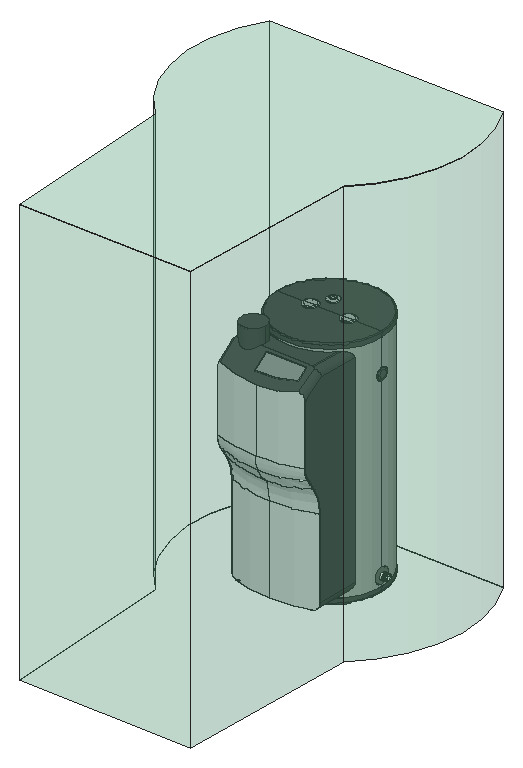
Revit family "Innovo FR_IR 24 245 FR NAT", category Mechanical Equipment, Revit 2015
Parameters (values of type "IR-24-245 FR NAT")
  largeur d'emballage = 786 mm  # constant formula
  l'Intervalle d'Entretien = "12 mois"  # constant formula
  Workspace Radius = Diameter + 170 mm  # 730 mm
  Workspace Height = Hauteur + 1000 mm  # 2270 mm
  Workspace Front Distance = 1000 mm
  Workspace [instance] = yes
  Valve Height 02 = if(and(Hauteur = 1745 mm, Diameter = 675 mm), 1518 mm, if(and(Hauteur = 1745 mm, Diameter = 610 mm), 1534 mm, if(Hauteur = 1545 mm, 1328 mm, 1070 mm)))  # 1070 mm
  Valve Height 01 = if(and(Diameter > 560 mm), 693 mm, 604 mm)  # 604 mm
  Valeur Maximale du Thermostat de Régulation = 85 °C  # constant formula
  Valeur Manimale du Thermostat de Régulation = 40 °C  # constant formula
  Valeur Défaut du Thermostat de Régulation = 65 °C  # constant formula
  URL = "www.aosmith.fr"
  Type d'Installation = "B23/C13/C33/C43/C53/C63"  # constant formula
  Type d'emballage = "Carton et bois"  # constant formula
  Tension d'Alimentation (-15%, +10%) = 230 V  # constant formula
  Température Maximale des Fumées = 45 °C
  Temps de réchauffement à ΔT = 70°C = "42"
  Temps de réchauffement à ΔT = 55°C = "34"
  Temps de réchauffement à ΔT = 50°C = "31"
  Temps de réchauffement à ΔT = 44°C = "27"
  Temps de réchauffement à ΔT = 28°C = "17"
  Spécifications du Produit = ""
  Réglages du thermostat du chauffe-eau = 65 °C  # constant formula
  Réglage Standard Pour = "G20/G25"
  Rendement Saisonnier (Hs) = [Rendement (Hs, acc. NEN-EN 89 - 1999)]  # 96
  Rendement (Hs, acc. NEN-EN 89 - 1999) = 96
  Rendement (Hi, acc. NEN-EN 89 - 1999) = 107
  Raccord Évacuation de la Condensation = 40 mm  # constant formula
  Raccord de la Soupape de Vidange = 3/4"
  Raccord de Sortie d'Eau Chaude = 3/4"
  Raccord de Gaz = 15"  # constant formula
  Raccord d'Alimentation en Eau Froide = 3/4"  # constant formula
  Raccord Robinet de Vidange = 3/4"  # constant formula
  Puissance Électrique Absorbée (sommet) = 85 W
  Puissance Électrique Absorbée (nominal) = 25 W
  Profondeur d'emballage = 946 mm  # constant formula
  Profondeur = 780 mm  # constant formula
  Profils de soutirage déclaré = "XL"
  Production Nominale = "11700.0/11300.0"
  Pression de Fonctionnement Maximale = 800000.0 Pa  # constant formula
  Pression Différentielle d'Ouverture de l'Interrupteur de Pression < = 115.0 Pa
  Pression Amont de Gaz = "2000/2500 Pa"
  Precaustions during assembling, installation or maintenance = "voir Manuel d'installation, d'emploi er d'entretien"  # constant formula
  Poids à vide = 95 kg
  Poids de Transport = 114 kg
  Phase = 1
  Pertes en Veille - tous les jours (24h) = 0 W
  Pertes en Veille = 0 W
  Nombre de modèle du produit (EAN) = "8717449285913"
  Niveau du Son dB (A) = "<45"  # constant formula
  Niveau de puissance acoustique à l'intérieur = "41 dB"
  NOx-émissions mg/kWh = "22.0/23.0"
  NOx-émissions (ven air, 0% O2) ppm = "14.0/14.0"
  Modèdele = "IR-12-160"
  Model = "IR-12-160 FR NAT"
  Marque commerciale = "A.O. Smith"  # constant formula
  Manufacturer = "A.O. Smith Water Products Company b.v."  # constant formula
  Largeur = Diameter  # 560 mm
  La commande intelligente = no
  L'efficacité énergétique pour le chauffage de l'eau (2) = "-"
  L'efficacité énergétique pour le chauffage de l'eau (1) = "92%"
  Hauteur du Raccordement au Gaz = 860 mm
  Hauteur de la Sortie d'eau Chaude = 1270 mm
  Hauteur de l'Alimentation en eau Froide = 170 mm
  Hauteur d'emballage = 1465 mm
  Hauteur Conduit d'Évacuation des Fumées = 1295 mm
  Hauteur Conduit d'Alimentation en Air = 1295 mm
  Hauteur = 1270 mm
  Guide de Produit = ""
  Garantie sur la Cuve = "36 mois"  # constant formula
  Garantie Pièces = "12 mois"  # constant formula
  Fréquence secteur = 50 Hz  # constant formula
  Forctionner qu'en heures creuses = no
  Fabricant No. = "E 7110"  # constant formula
  Epaisseur d'Isolation = 50 mm
  Débit de vidage à ΔT = 70°C après 90 min. = 270.0 L
  Débit de vidage à ΔT = 70°C après 60 min. = 200.0 L
  Débit de vidage à ΔT = 70°C après 30 min. = 120.0 L
  Débit de vidage à ΔT = 70°C après 120 min. = 340.0 L
  Débit de vidage à ΔT = 55°C après 90 min. = 370.0 L
  Débit de vidage à ΔT = 55°C après 60 min. = 270.0 L
  Débit de vidage à ΔT = 55°C après 30 min. = 180.0 L
  Débit de vidage à ΔT = 55°C après 120 min. = 460.0 L
  Débit de vidage à ΔT = 50°C après 90 min. = 410.0 L
  Débit de vidage à ΔT = 50°C après 60 min. = 310.0 L
  Débit de vidage à ΔT = 50°C après 30 min. = 210.0 L
  Débit de vidage à ΔT = 50°C après 120 min. = 510.0 L
  Débit de vidage à ΔT = 44°C après 90 min. = 480.0 L
  Débit de vidage à ΔT = 44°C après 60 min. = 360.0 L
  Débit de vidage à ΔT = 44°C après 30 min. = 250.0 L
  Débit de vidage à ΔT = 44°C après 120 min. = 590.0 L
  Débit de vidage à ΔT = 28°C après 90 min. = 780.0 L
  Débit de vidage à ΔT = 28°C après 60 min. = 600.0 L
  Débit de vidage à ΔT = 28°C après 30 min. = 420.0 L
  Débit de vidage à ΔT = 28°C après 120 min. = 960.0 L
  Débit de vidage en Continu à ΔT = 70°C = 150.0 L/s
  Débit de vidage en Continu à ΔT = 55°C = 190.0 L/s
  Débit de vidage en Continu à ΔT = 50°C = 200.0 L/s
  Débit de vidage en Continu à ΔT = 44°C = 230.0 L/s
  Débit de vidage en Continu à ΔT = 28°C = 360.0 L/s
  Diamètre Cheminée - Système Parallèle = "2x80"  # constant formula
  Diamètre Cheminée - Système Concentrique = "80/125 mm/mm"  # constant formula
  Diamètre Cheminée - Boiler = "80/125 mm/mm"  # constant formula
  Diameter = 560 mm
  Destination / Country = "France"  # constant formula
  Description = "Préparateur ECS Solaire en Combinaison avec Réservoir de Stockage"  # constant formula
  D'autres profils de soutirage = "-"
  Created By = "http://www.cadcompany.nl/"
  Consommation de Gaz - Volume ltr/hr = "1.20/1.30"
  Consommation de Gaz - Masse kg/h = "a/p"
  Class d'efficacité énergétique (2) = "-"
  Class d'efficacité énergétique (1) = "A"  # constant formula
  Charge Nominale (Valeur Supérieure) = "12100.0/12100.0"
  Charge Nominale (Valeur Inférieure) = "10900.0/10600.0"
  Charge Maximale au Sol = 274 kg
  Catégorie de Gaz = "II2Esi3P"  # constant formula
  Capacité = 160.0 L
  CO2 Émissions (tol. +/- 1.0) vol% = "9.3/9.3"
  CE-PIN = "0063CQ3037"  # constant formula
  BIM Content Developer = "CAD & Company"  # constant formula
  Assembly Code = "D3010"
  Annual fuel consumption (2) = "-"
  Annual fuel consumption (1) = "16 GJ GCV"
  Annual electricity consumption (2) = "-"
  Annual electricity consumption (1) = "38 kWh"
  2ème Entretien (Entretien Général) = "12 mois après l'installation"  # constant formula
  1er Entretien (check-up) = "3 mois après l'installation"  # constant formula
Reference planes
  plane 1 "Center (Front/Back)": y = 0
  plane 2: z = 0
  plane 3 "Center (Left/Right)": x = 0
  plane 4 "Pipe": through (-383.901, 912.349, 194.799) normal (-0.0879, -0.0879, 0.9923)
  plane 5 "footing": y = 118.925
  plane 6 "footing front": y = -237.85
  plane 7: x = -280
  plane 8: x = 280
  plane 9: z = 1270
Forms (mm)
  Revolve 1, solid, material "RAL 9005", detail levels medium+fine
    sketch origin (0, -237.85, 0) x (-1, 0, 0) y (0, 0, 1)
      loop
        line (0, 28.9) -> (-15, 28.9) -> (-15, 26.4) -> (-8.671, 26.4) -> (-8.671, 18) -> (-5.686, 18) -> (-6.626, 17.06) -> (-6.626, 12.06) -> (-8.671, 12.06) -> (-8.671, 10) -> (-10.031, 10) -> (-23.271, 5.181)
        arc (-23.271, 5.181) -> (-23.763, 4.836) -> (-24.017, 4.293) r 1.159
        line (-24.017, 4.293) -> (-24.017, 1.03)
        arc (-24.017, 1.03) -> (-23.715, 0.302) -> (-22.986, 0) r 1.03
        line (-22.986, 0) -> (0, 0) -> (0, 28.9)
      axis (0, 28.9) -> (0, 0)
    angle from 0 to 360
  Revolve 2, solid, material "RAL 9005", detail levels medium+fine
    sketch origin (0, 118.925, 0) x (-1, 0, 0) y (0, 0, 1)
      loop
        line (-180.984, 28.9) -> (-195.984, 28.9) -> (-195.984, 26.4) -> (-189.655, 26.4) -> (-189.655, 18) -> (-186.67, 18) -> (-187.61, 17.06) -> (-187.61, 12.06) -> (-189.655, 12.06) -> (-189.655, 10) -> (-191.015, 10) -> (-204.256, 5.181)
        arc (-204.256, 5.181) -> (-204.747, 4.836) -> (-205.001, 4.293) r 1.159
        line (-205.001, 4.293) -> (-205.001, 1.03)
        arc (-205.001, 1.03) -> (-204.699, 0.302) -> (-203.971, 0) r 1.03
        line (-203.971, 0) -> (-180.984, 0) -> (-180.984, 28.9)
      axis (-180.984, 28.9) -> (-180.984, 0)
    angle from 0 to 360
  Revolve 3, solid, material "RAL 9005", detail levels medium+fine
    sketch origin (0, 118.925, 0) x (-1, 0, 0) y (0, 0, 1)
      loop
        line (179.016, 28.9) -> (164.016, 28.9) -> (164.016, 26.4) -> (170.345, 26.4) -> (170.345, 18) -> (173.33, 18) -> (172.39, 17.06) -> (172.39, 12.06) -> (170.345, 12.06) -> (170.345, 10) -> (168.985, 10) -> (155.744, 5.181)
        arc (155.744, 5.181) -> (155.253, 4.836) -> (154.999, 4.293) r 1.159
        line (154.999, 4.293) -> (154.999, 1.03)
        arc (154.999, 1.03) -> (155.301, 0.302) -> (156.029, 0) r 1.03
        line (156.029, 0) -> (179.016, 0) -> (179.016, 28.9)
      axis (179.016, 28.9) -> (179.016, 0)
    angle from 0 to 360
Lines and regions (mm)
  symbolic lines
    curve 1: line (0, 280.06, 0) -> (0, -280.06, 0)
    curve 2: line (-255.06, 0, 0) -> (255.06, 0, 0)
  symbolic lines, style "Workspace"
    curve 3: line (623.261, 380.06, 0) -> (-623.261, 380.06, 0)
    curve 4: arc (-623.261, 380.06, 0) -> (-726.942, -66.745, 0) -> (-543.632, -487.2, 0) r 730
    curve 5: line (-543.632, -487.2, 0) -> (-396.783, -1492.825, 0)
    curve 6: line (-396.783, -1492.825, 0) -> (399.03, -1492.825, 0)
    curve 7: line (399.03, -1492.825, 0) -> (545.76, -484.816, 0)
    curve 8: arc (545.76, -484.816, 0) -> (727.087, -65.154, 0) -> (623.261, 380.06, 0) r 730
Dimensions and locks
  plane 5 "footing" to plane 1 "Center (Front/Back)" = 118.925 mm
  plane 1 "Center (Front/Back)" to plane 6 "footing front" = 237.85 mm
  "Diameter": plane 7 to plane 8
  equal spacing: plane 7, plane 3 "Center (Left/Right)", plane 8
  "Hauteur": plane 9 to plane 2
  "Workspace Front Distance": curve 6 to nested 3
  "Workspace Radius": radius of curve 4
  "Workspace Radius": radius of curve 8
  aligned and locked: level to plane 2
  aligned and locked: nested 3 to Revolve 1 sketch curve
  aligned and locked: plane 3 "Center (Left/Right)" to Revolve 1 sketch curve
  aligned and locked: nested 3 to plane 1 "Center (Front/Back)"
  aligned and locked: plane 3 "Center (Left/Right)" to nested 3
  aligned and locked: nested 1 to plane 8
  aligned and locked: nested 5 to plane 8
  aligned and locked: nested 2 to plane 7
  aligned and locked: nested 4 to plane 7
  aligned and locked: nested 7 to plane 7
  aligned and locked: nested 8 to plane 3 "Center (Left/Right)"
  aligned and locked: nested 8 to nested 3
  aligned and locked: curve 3 to nested 8
Automatic sketch dimensions
  Revolve 1 sketch curve to level = 0 mm
  plane 3 "Center (Left/Right)" to Revolve 1 sketch curve = 5.686 mm
  Revolve 1 sketch curve to Revolve 1 sketch curve = 0.94 mm  (x2)
  Revolve 1 sketch curve to Revolve 1 sketch curve = 2.046 mm  (x2)
  Revolve 1 sketch curve to Revolve 1 sketch curve = 1.359 mm
  Revolve 1 sketch curve to Revolve 1 sketch curve = 6.329 mm
  level to Revolve 1 sketch curve = 4.091 mm
  Revolve 1 sketch curve to Revolve 1 sketch curve = 12.844 mm
  level to Revolve 1 sketch curve = 1.03 mm
  Revolve 1 sketch curve to Revolve 1 sketch curve = 0.111 mm
  level to Revolve 1 sketch curve = 5.181 mm
  Revolve 1 sketch curve to Revolve 1 sketch curve = 0.745 mm
  level to Revolve 1 sketch curve = 10 mm
  Revolve 1 sketch curve to Revolve 1 sketch curve = 2.06 mm
  Revolve 1 sketch curve to Revolve 1 sketch curve = 5 mm
  Revolve 1 sketch curve to Revolve 1 sketch curve = 8.4 mm
  Revolve 1 sketch curve to Revolve 1 sketch curve = 2.5 mm
  Revolve 1 sketch curve to level = 19.635 mm
  Revolve 1 sketch curve to Revolve 1 sketch curve = 46.465 mm
  Revolve 2 sketch curve to level = 0 mm
  level to Revolve 2 sketch curve = 1.03 mm
  Revolve 2 sketch curve to plane 8 = 74.999 mm
  level to Revolve 2 sketch curve = 5.181 mm
  Revolve 2 sketch curve to Revolve 2 sketch curve = 0.745 mm
  Revolve 2 sketch curve to Revolve 2 sketch curve = 0.397 mm
  Revolve 2 sketch curve to Revolve 2 sketch curve = 8.271 mm
  Revolve 2 sketch curve to Revolve 2 sketch curve = 13.241 mm
  Revolve 2 sketch curve to Revolve 2 sketch curve = 1.359 mm
  Revolve 2 sketch curve to Revolve 2 sketch curve = 6.329 mm
  Revolve 2 sketch curve to Revolve 2 sketch curve = 2.046 mm
  level to Revolve 2 sketch curve = 18 mm
  Revolve 2 sketch curve to Revolve 2 sketch curve = 0.94 mm  (x2)
  Revolve 2 sketch curve to Revolve 2 sketch curve = 8.671 mm
  Revolve 2 sketch curve to Revolve 2 sketch curve = 1.089 mm
  Revolve 2 sketch curve to Revolve 2 sketch curve = 8 mm
  Revolve 2 sketch curve to Revolve 2 sketch curve = 2.06 mm
  Revolve 2 sketch curve to Revolve 2 sketch curve = 8.4 mm
  Revolve 2 sketch curve to Revolve 2 sketch curve = 2.5 mm
  Revolve 2 sketch curve to Revolve 2 sketch curve = 0 mm
  Revolve 2 sketch curve to level = 19.635 mm
  Revolve 2 sketch curve to Revolve 2 sketch curve = 46.465 mm
  Revolve 3 sketch curve to level = 0 mm
  level to Revolve 3 sketch curve = 1.03 mm
  Revolve 3 sketch curve to plane 7 = 125.001 mm
  level to Revolve 3 sketch curve = 5.181 mm
  Revolve 3 sketch curve to Revolve 3 sketch curve = 0.745 mm
  Revolve 3 sketch curve to Revolve 3 sketch curve = 0.397 mm
  Revolve 3 sketch curve to Revolve 3 sketch curve = 8.271 mm
  Revolve 3 sketch curve to Revolve 3 sketch curve = 13.241 mm
  Revolve 3 sketch curve to Revolve 3 sketch curve = 1.359 mm
  Revolve 3 sketch curve to Revolve 3 sketch curve = 6.329 mm
  Revolve 3 sketch curve to Revolve 3 sketch curve = 2.046 mm
  level to Revolve 3 sketch curve = 18 mm
  Revolve 3 sketch curve to Revolve 3 sketch curve = 0.94 mm  (x2)
  Revolve 3 sketch curve to Revolve 3 sketch curve = 8.671 mm
  Revolve 3 sketch curve to Revolve 3 sketch curve = 1.089 mm
  Revolve 3 sketch curve to Revolve 3 sketch curve = 8 mm
  Revolve 3 sketch curve to Revolve 3 sketch curve = 2.06 mm
  Revolve 3 sketch curve to Revolve 3 sketch curve = 8.4 mm
  Revolve 3 sketch curve to Revolve 3 sketch curve = 2.5 mm
  Revolve 3 sketch curve to Revolve 3 sketch curve = 0 mm
  Revolve 3 sketch curve to level = 19.635 mm
  Revolve 3 sketch curve to Revolve 3 sketch curve = 46.465 mm
  curve 4 to curve 8 = 0 mm  (x2)
  plane 1 "Center (Front/Back)" to curve 2 = 0 mm
  curve 1 to plane 3 "Center (Left/Right)" = 0 mm
  plane 1 "Center (Front/Back)" to curve 4 = 0 mm
  curve 4 to plane 3 "Center (Left/Right)" = 0 mm
  curve 5 to plane 6 "footing front" = 249.35 mm
  plane 7 to curve 5 = 116.783 mm
  plane 8 to curve 7 = 119.03 mm
  curve 7 to plane 6 "footing front" = 246.966 mm
  curve 2 to plane 7 = 24.94 mm
  curve 2 to plane 8 = 24.94 mm
  curve 1 to plane 6 "footing front" = 42.21 mm
  plane 5 "footing" to curve 1 = 161.135 mm
Nested families
  nested 1: "Valve" at (280, -0.38, 1070) x (0, 1, 0) z (0, 0, 1), built-in parameter 1001364 <- "Valve Height 02", type "Valve"
  nested 2: "Drain Valve" at (-280, 0, 1070), built-in parameter 1001364 <- "Valve Height 02", type "Drain Valve"
  nested 3: "Housing Mother Housing S 57 (external)" at (0, -274.886, 0), type "Housing Mother_Housing S_57"
  nested 4: "Drain Valve" at (-280, 0, 177), type "Drain Valve"
  nested 5: "Drain Valve" at (280, 0, 107) x (-1, 0, 0) z (0, 0, 1), type "Drain Valve"
  nested 6: "Boiler" at (0, 0, 0), height <- "Hauteur", type "Boiler"
    with height 1270 mm
  nested 7: "Drain Valve" at (-280, 0, 604), built-in parameter 1001364 <- "Valve Height 01", type "Drain Valve"
  nested 8: "Innovo_workspace" at (0, 0, 0), Workspace Distance Front <- "Workspace Front Distance", Workspace <- "Workspace", Workspace Height <- "Workspace Height", Workspace Radius <- "Workspace Radius", type "Workspace"
    with Workspace Radius 730 mm, Workspace Height 2270 mm, Workspace Distance Front 1000 mm, Workspace yes, Center to Front 492.825 mm
Connectors
  piping at (314.826, 0, 107), diameter 19.05, driven by "Raccord Robinet de Vidange"
    settings: on nested 5, index 1, connector inside diameter 24", connector length 0 mm, flow factor 0, pipe flow 0.0 L/s, pressure drop 0.0 Pa, fitting loss kfactor 0, connector angle 0.00°, fixture units 0, engagement length 0 mm, angle of deflection 0.00°, flow configuration 0, flow direction 0, fitting loss method 0, system type 19, joint type 0, gender type 0, connector reference index -1, connector utility 0, adjustable connector no, is connector primary yes, connector description ""
  hvac at (-147.013, -321.326, 1310.674)
    settings: on nested 3, index 2, duct flow 0.0 L/s, flow factor 0, pres drop 0.0 Pa, loss coef 0, conn angle 0.00°, conn width 304.8 mm, conn height 304.8 mm, conn diameter 125 mm, duct sys type 4, conn prof type 0, flow config 0, flow direction 0, loss method 0, conn ref index -1, conn util no, is conn primary yes, conn desc ""
Definition of nested family "Valve"
  Parameters (values of type "Valve")
    Type Comments = "T&P valve (internal)"
    Manufacturer = "A.O. Smith"
  Reference planes
    plane 1 "Center (Front/Back)": y = 0
    plane 2: z = 0
    plane 3 "Center (Left/Right)": x = 0
  Forms (mm)
    Extrusion 1, solid, detail levels fine
      sketch origin (0, 0, 0) x (1, 0, 0) y (0, 0, 1)
        loop
          circle (0, 0) r 31.5
      from -2.271 to 1.4
    Sweep 2, solid, detail levels fine
      path origin (0, -1.4, 0) x (1, 0, 0) y (0, 0, 1)
        loop
          circle (0, 0) r 31.5
      profile origin (0, -1.4, 31.5) x (0, 0, -1) y (0, -1, 0)
        loop
          line (7.3, 0) -> (7.3, 3) -> (0, 0) -> (7.3, 0)
  Dimensions and locks
    aligned and locked: level to plane 2
Definition of nested family "Drain Valve"
  Reference planes
    plane 1 "Center (Front/Back)": y = 0
    plane 2: z = 0
    plane 3 "Center (Left/Right)": x = 0
  Forms (mm)
    Revolve 1, solid, detail levels medium+fine
      sketch origin (0, 0, 0) x (1, 0, 0) y (0, 0, 1)
        loop
          line (-33.442, 15.696) -> (-34.826, 14.329) -> (-34.93, 12.731) -> (-16.555, 12.731) -> (-16.555, 0) -> (15.787, 0) -> (15.787, 18.3) -> (-14.4, 18.3) -> (-17.148, 15.533) -> (-18.729, 16.697) -> (-20.091, 15.333) -> (-21.672, 16.496) -> (-23.034, 15.133) -> (-24.614, 16.296) -> (-25.976, 14.932) -> (-27.557, 16.096) -> (-28.919, 14.732) -> (-30.5, 15.896) -> (-31.862, 14.532) -> (-33.442, 15.696)
        axis (-34.93, 0) -> (15.787, 0)
      angle from 0 to 360
  Dimensions and locks
    aligned and locked: level to plane 2
  Nested families
    nested 1: "Rubber sealing" at (2.592, -0.155, 0) x (0.0023, -1, 0) z (0, 0, 1), type "Rubber sealing", detail levels fine
  Definition of nested family "Rubber sealing"
    Reference planes
      plane 1 "Center (Front/Back)": y = 0
      plane 2: z = 0
      plane 3 "Center (Left/Right)": x = 0
    Forms (mm)
      Extrusion 1, solid, detail levels fine
        sketch origin (141.861, 319.581, 0) x (1, 0, 0) y (0, 1, 0)
          loop
            line (-216.354, -311.898) -> (-216.354, -313.94)
            arc (-216.354, -313.94) -> (-141.602, -321.581) -> (-66.861, -313.835) r 366.966
            line (-66.861, -313.835) -> (-66.861, -311.791)
            arc (-66.861, -311.791) -> (-141.602, -319.581) -> (-216.354, -311.898) r 364.966
        from -80 to 80
      Extrusion 2, void
        sketch origin (141.861, 319.581, 0) x (1, 0, 0) y (0, 0, 1)
          loop
            circle (-141.861, 0) r 13
          loop
            circle (-141.861, 0) r 110
          loop
            circle (-141.861, 0) r 40
        from 311.563 to 332.684
      Extrusion 3, void
        sketch origin (141.861, 319.581, 0) x (1, 0, 0) y (0, 0, 1)
          loop
            circle (-141.861, 0) r 18.25
        from 315.524 to 326.084
    Cuts and joins
      Extrusion 2, Extrusion 3 cuts Extrusion 1
    Dimensions and locks
      aligned and locked: level to plane 2
Definition of nested family "Housing Mother Housing S 57 (external)"
  Parameters (values of type "Housing Mother_Housing S_57")
    radius [instance] = 280 mm
    distance to boiler center = if(diameter = 675 mm, 189 mm, if(diameter = 610 mm, 154 mm, 129 mm))  # 129 mm
    diameter = 560 mm
  Reference planes
    plane 1 "Center (Front/Back)": y = 0
    plane 2: z = 0
    plane 3 "Center (Left/Right)": x = 0
    plane 4 "left": through (-245.286, 145.886, 1200) normal (0.9994, 0.0349, 0)
    plane 5: y = -217.939
    plane 6: y = 145.886
    plane 7: z = 1232.6
    plane 8: z = 65.89
    plane 9 "right": through (245.286, 145.886, 1200) normal (0.9994, -0.0349, 0)
    plane 10 "display": through (0, -90.37, 1221.196) normal (0, -0.5736, 0.8192)
    plane 11 "Potentiostat": z = 867.899
    plane 12 "boiler center": y = 274.886
    plane 13: x = -280
    plane 14: x = 280
  Forms (mm)
    Extrusion 1, solid
      sketch origin (0, 0, 0) x (1, 0, 0) y (0, 1, 0)
        loop
          line (-245.286, 145.886) -> (-232.581, -217.939) -> (232.581, -217.939) -> (245.286, 145.886)
          arc (245.286, 145.886) -> (0, 0.923) -> (-245.286, 145.886) r 280
      from 0 to 1232.6
    Sweep 2, void
      path origin (0, 0, 0) x (0, 1, 0) y (0, 0, 1)
        loop
          line (-217.939, 1232.6) -> (-217.939, 795.555)
          arc (-217.939, 795.555) -> (-212.387, 754.285) -> (-197.694, 715.322) r 183.924
          arc (-197.694, 715.322) -> (-179.915, 684.628) -> (-159.106, 655.901) r 348.284
          arc (-159.106, 655.901) -> (-131.411, 600.328) -> (-121.88, 538.973) r 202.254
          line (-121.88, 538.973) -> (-121.88, 61.106)
      profile origin (0, -217.939, 1014.077) x (1, 0, 0) y (0, 1, 0)
        loop
          arc (0, 0) -> (-117.533, 9.941) -> (-231.728, 39.475) r 699.984
          arc (-231.728, 39.475) -> (-233.391, 40.705) -> (-234.07, 42.659) r 3.505
          line (-234.07, 42.659) -> (-254.062, 42.659) -> (-254.062, -142.593) -> (254.07, -142.593) -> (254.07, 42.659) -> (234.07, 42.659)
          arc (234.07, 42.659) -> (233.391, 40.705) -> (231.728, 39.475) r 3.505
          arc (231.728, 39.475) -> (117.533, 9.941) -> (0, 0) r 699.984
    Extrusion 3, void
      sketch origin (0, 0, 0) x (0, 1, 0) y (0, 0, 1)
        loop
          arc (102.864, 70.869) -> (99.804, 70.709) -> (96.874, 69.813) r 12.57
          arc (96.874, 69.813) -> (87.878, 66.533) -> (78.516, 64.529) r 69.114
          arc (78.516, 64.529) -> (76.41, 64.284) -> (74.294, 64.148) r 41.206
          arc (74.294, 64.148) -> (65.203, 64.335) -> (56.122, 64.782) r 318.661
          arc (56.122, 64.782) -> (30.585, 66.179) -> (5.028, 67.128) r 1456.581
          line (5.028, 67.128) -> (-84.534, 73.135)
          arc (-84.534, 73.135) -> (-86.363, 73.808) -> (-87.536, 75.365) r 3.455
          line (-87.536, 75.365) -> (-264.473, 75.365) -> (-264.473, 0) -> (160.886, 0) -> (160.886, 103.945) -> (145.886, 103.945)
          arc (145.886, 103.945) -> (145.104, 97.827) -> (142.923, 92.059) r 26.364
          arc (142.923, 92.059) -> (141.067, 88.936) -> (138.867, 86.045) r 31.715
          arc (138.867, 86.045) -> (135.576, 82.49) -> (132.021, 79.2) r 62.615
          arc (132.021, 79.2) -> (125.841, 74.697) -> (119.091, 71.103) r 54.444
          arc (119.091, 71.103) -> (116.371, 70.272) -> (113.531, 70.123) r 11.669
          line (113.531, 70.123) -> (102.864, 70.869)
      from -254.062 to 254.07
    Sweep 4, void
      path origin (0, 0, 0) x (1, 0, 0) y (0, 1, 0)
        loop
          line (-245.286, 145.886) -> (-232.581, -217.939)
      profile origin (-238.933, -36.027, 0) x (0.999391, 0.034899, 0) y (0, 0, 1)
        loop
          line (-4.454, 0) -> (47.084, 0) -> (47.084, 73.431)
          arc (47.084, 73.431) -> (14.222, 85.134) -> (0.255, 117.1) r 43.922
          line (0.255, 117.1) -> (-4.454, 117.1) -> (-4.454, 0)
    Sweep 5, void
      path origin (0, 0, 0) x (-1, 0, 0) y (0, 1, 0)
        loop
          line (-245.286, 145.886) -> (-232.581, -217.939)
      profile origin (238.933, -36.027, 0) x (0.999391, -0.034899, 0) y (0, 0, 1)
        loop
          line (4.454, 0) -> (4.454, 117.1) -> (-0.255, 117.1)
          arc (-0.255, 117.1) -> (-14.222, 85.134) -> (-47.084, 73.431) r 43.922
          line (-47.084, 73.431) -> (-47.084, 0) -> (4.454, 0)
    Sweep 6, void
      path origin (-239.899, -8.377, 0) x (-0.034899, 0.999391, 0) y (0, 0, 1)
        loop
          line (-209.69, 1141.272) -> (-79.18, 1232.6) -> (154.358, 1232.6)
      profile origin (-241.211, 29.188, 1232.6) x (0, 0, 1) y (0.999391, 0.034899, 0)
        loop
          line (-45, -30) -> (75, -30) -> (75, 0) -> (75, 55) -> (2.799, 55) -> (-1.253, 35.128)
          arc (-1.253, 35.128) -> (-16.771, 9.564) -> (-45, -0.308) r 44.287
          line (-45, -0.308) -> (-45, -30)
    Sweep 7, void
      path origin (239.899, -8.377, 0) x (0.034899, 0.999391, 0) y (0, 0, 1)
        loop
          line (-209.69, 1141.272) -> (-79.18, 1232.6) -> (154.358, 1232.6)
      profile origin (241.211, 29.188, 1232.6) x (0, 0, -1) y (-0.999391, 0.034899, 0)
        loop
          line (-75, -25) -> (45, -25) -> (45, -0.308)
          arc (45, -0.308) -> (16.771, 9.564) -> (1.253, 35.128) r 44.287
          line (1.253, 35.128) -> (-2.799, 55) -> (-75, 55) -> (-75, -25)
    Extrusion 8, void
      sketch origin (0, 0, 0) x (0, 1, 0) y (0, 0, 1)
        loop
          line (-270, 1336.099) -> (-270, 1099.081) -> (68.497, 1336.099) -> (-270, 1336.099)
      from -425.038 to 444.42
    Extrusion 9, solid, detail levels medium+fine
      sketch origin (0, 0, 0) x (1, 0, 0) y (0, 1, 0)
        loop
          circle (-147.013, -46.44) r 65
      from 1163.174 to 1310.674
    Extrusion 10, void
      sketch origin (0, -603.506, 861.895) x (0, 0.819152, 0.573576) y (-1, 0, 0)
        loop
          arc (618.322, -173) -> (623.272, -170.95) -> (625.322, -166) r 7
          line (625.322, -166) -> (625.322, 35)
          arc (625.322, 35) -> (623.272, 39.95) -> (618.322, 42) r 7
          line (618.322, 42) -> (535.473, 42)
          arc (535.473, 42) -> (530.688, 40.11) -> (528.488, 35.46) r 7
          arc (528.488, 35.46) -> (531.569, -67.592) -> (554.18, -168.18) r 540
          arc (554.18, -168.18) -> (556.724, -171.668) -> (560.831, -173) r 7
          line (560.831, -173) -> (618.322, -173)
      from 0 to 137.286
    Sweep 11, solid, detail levels fine
      path origin (0, 0, 867.899) x (-1, 0, 0) y (0, -1, 0)
        loop
          line (309.749, -35.617) -> (204.371, -35.617)
          arc (204.371, -35.617) -> (196.509, -34.687) -> (189.082, -31.947) r 33.677
          line (189.082, -31.947) -> (-9.574, 69.274)
      profile origin (-257.06, 35.617, 867.899) x (0, 1, 0) y (0, 0, 1)
        loop
          circle (0, 0) r 7.316
        loop
          circle (0, 0) r 6.465
    Revolve 12, void
      sketch origin (0, 274.886, 0) x (-1, 0, 0) y (0, 0, 1)
        loop
          line (280, 1243.838) -> (0, 1243.838) -> (0, 54.9) -> (280, 54.9) -> (280, 1243.838)
        axis (0, 1243.838) -> (0, 54.9)
      angle from 0 to 360
  Cuts and joins
    Sweep 2, Extrusion 3, Sweep 4, Sweep 5, Sweep 6, Sweep 7, Extrusion 8, Extrusion 10, Revolve 12 cuts Extrusion 1
  Dimensions and locks
    plane 8 to plane 2 = 65.89 mm
    plane 7 to plane 8 = 1166.71 mm
    "distance to boiler center": plane 12 "boiler center" to plane 6
    "diameter": plane 14 to plane 13
    equal spacing: plane 14, plane 3 "Center (Left/Right)", plane 13
    "radius": plane 3 "Center (Left/Right)" to plane 13
    aligned and locked: level to plane 2
    aligned and locked: Extrusion 1 to plane 7
    aligned and locked: Extrusion 1 sketch curve to plane 5
    aligned and locked: Sweep 2 to Extrusion 3
    aligned and locked: Extrusion 3 to Sweep 2  (x2)
    aligned and locked: plane 7 to Sweep 2 sketch curve
    aligned and locked: plane 3 "Center (Left/Right)" to Revolve 12 sketch curve
    aligned and locked: Revolve 12 sketch curve to plane 3 "Center (Left/Right)"
    aligned and locked: plane 13 to Revolve 12 sketch curve
  Automatic sketch dimensions
    Extrusion 1 sketch curve to plane 4 "left" = 0 mm  (x2)
    Extrusion 1 sketch curve to plane 6 = 0 mm  (x2)
    Extrusion 1 sketch curve to plane 3 "Center (Left/Right)" = 0 mm
    Extrusion 1 sketch curve to plane 9 "right" = 0 mm
    plane 6 to Extrusion 1 sketch curve = 135.037 mm
    Sweep 2 sketch curve to plane 5 = 0 mm
    plane 5 to Sweep 2 sketch curve = 106.195 mm
    Sweep 2 sketch curve to plane 5 = 96.059 mm
    plane 1 "Center (Front/Back)" to Sweep 2 sketch curve = 34.053 mm
    plane 11 "Potentiostat" to Sweep 2 sketch curve = 6.417 mm
    Sweep 2 sketch curve to plane 6 = 33.705 mm
    Sweep 2 sketch curve to plane 11 "Potentiostat" = 68.615 mm
    Sweep 2 sketch curve to plane 11 "Potentiostat" = 72.345 mm
    Sweep 2 sketch curve to Sweep 2 sketch curve = 176.349 mm
    Sweep 2 sketch curve to Sweep 2 sketch curve = 0 mm  (x2)
    plane 8 to Sweep 2 sketch curve = 4.784 mm
    Extrusion 3 sketch curve to level = 0 mm
    Extrusion 3 sketch curve to plane 6 = 0 mm
    Extrusion 3 sketch curve to plane 6 = 26.363 mm
    Extrusion 3 sketch curve to Extrusion 3 sketch curve = 4.75 mm
    Extrusion 3 sketch curve to Extrusion 3 sketch curve = 5.179 mm
    Extrusion 3 sketch curve to plane 8 = 4.232 mm
    Extrusion 3 sketch curve to Extrusion 3 sketch curve = 0.814 mm
    Extrusion 3 sketch curve to plane 8 = 4.978 mm
    Extrusion 3 sketch curve to Extrusion 3 sketch curve = 10.667 mm
    Extrusion 3 sketch curve to Extrusion 3 sketch curve = 0.877 mm
    Extrusion 3 sketch curve to Extrusion 3 sketch curve = 17.827 mm
    Extrusion 3 sketch curve to Extrusion 3 sketch curve = 5.646 mm
    Extrusion 3 sketch curve to plane 6 = 69.562 mm
    Extrusion 3 sketch curve to Extrusion 3 sketch curve = 18.6 mm
    Extrusion 3 sketch curve to Extrusion 3 sketch curve = 22.538 mm
    Extrusion 3 sketch curve to plane 8 = 1.238 mm
    Extrusion 3 sketch curve to plane 1 "Center (Front/Back)" = 5.028 mm
    plane 1 "Center (Front/Back)" to Extrusion 3 sketch curve = 36.224 mm
    Extrusion 3 sketch curve to plane 8 = 10.692 mm
    plane 1 "Center (Front/Back)" to Extrusion 3 sketch curve = 84.302 mm
    Extrusion 3 sketch curve to plane 8 = 7.244 mm
    Extrusion 3 sketch curve to Extrusion 3 sketch curve = 0.231 mm
    Extrusion 3 sketch curve to Extrusion 3 sketch curve = 3.234 mm
    plane 5 to Extrusion 3 sketch curve = 46.534 mm
    plane 6 to Extrusion 3 sketch curve = 15 mm
    Extrusion 3 sketch curve to level = 1388.869 mm
    plane 8 to Extrusion 3 sketch curve = 7.561 mm
    Extrusion 3 sketch curve to Extrusion 3 sketch curve = 11.64 mm
    Extrusion 3 sketch curve to plane 8 = 38.054 mm
    Extrusion 3 sketch curve to Extrusion 3 sketch curve = 22.442 mm
    Extrusion 3 sketch curve to plane 8 = 39.432 mm
    Extrusion 3 sketch curve to Extrusion 3 sketch curve = 2.466 mm
    Extrusion 3 sketch curve to Extrusion 3 sketch curve = 14.17 mm
    Extrusion 3 sketch curve to Extrusion 3 sketch curve = 5.925 mm
    Extrusion 3 sketch curve to Extrusion 3 sketch curve = 6.186 mm
    Extrusion 3 sketch curve to Extrusion 3 sketch curve = 249.85 mm
    Extrusion 3 sketch curve to Extrusion 3 sketch curve = 0 mm  (x4)
    Extrusion 3 sketch curve to Extrusion 3 sketch curve = 6.845 mm
    plane 8 to Extrusion 3 sketch curve = 1.743 mm
    Sweep 4 sketch curve to plane 4 "left" = 0 mm  (x2)
    Sweep 4 sketch curve to plane 6 = 0 mm
    plane 5 to Sweep 4 sketch curve = 0 mm
    Sweep 4 sketch curve to level = 0 mm
    profile plane to Sweep 4 sketch curve = 4.454 mm
    Sweep 4 sketch curve to profile plane = 0.255 mm
    Sweep 4 sketch curve to Sweep 4 sketch curve = 43.922 mm
    Sweep 4 sketch curve to profile plane = 47.084 mm
    level to Sweep 4 sketch curve = 73.431 mm
    Sweep 4 sketch curve to Sweep 4 sketch curve = 43.669 mm
    Sweep 5 sketch curve to plane 6 = 0 mm
    Sweep 5 sketch curve to plane 9 "right" = 0 mm  (x2)
    plane 5 to Sweep 5 sketch curve = 0 mm
    Sweep 5 sketch curve to level = 0 mm
    profile plane to Sweep 5 sketch curve = 47.084 mm
    Sweep 5 sketch curve to Sweep 5 sketch curve = 2.907 mm
    profile plane to Sweep 5 sketch curve = 0.255 mm
    Sweep 5 sketch curve to profile plane = 4.454 mm
    level to Sweep 5 sketch curve = 73.431 mm
    Sweep 5 sketch curve to Sweep 5 sketch curve = 43.669 mm
    Sweep 6 sketch curve to plane 7 = 0 mm
    plane 7 to Sweep 6 sketch curve = 91.328 mm
    Sweep 6 sketch curve to Sweep 6 sketch curve = 130.509 mm
    Sweep 6 sketch curve to Sweep 6 sketch curve = 233.538 mm
    Sweep 6 sketch curve to plane 4 "left" = 0 mm
    profile plane to Sweep 6 sketch curve = 45 mm
    Sweep 6 sketch curve to Sweep 6 sketch curve = 0.354 mm
    profile plane to Sweep 6 sketch curve = 1.253 mm
    Sweep 6 sketch curve to profile plane = 2.799 mm
    Sweep 6 sketch curve to Sweep 6 sketch curve = 72.201 mm
    Sweep 6 sketch curve to plane 4 "left" = 0.308 mm
    Sweep 6 sketch curve to Sweep 6 sketch curve = 29.692 mm
    plane 4 "left" to Sweep 6 sketch curve = 35.128 mm
    plane 4 "left" to Sweep 6 sketch curve = 55 mm
    Sweep 7 sketch curve to plane 7 = 0 mm
    Sweep 7 sketch curve to plane 7 = 91.328 mm
    Sweep 7 sketch curve to Sweep 7 sketch curve = 130.509 mm
    Sweep 7 sketch curve to Sweep 7 sketch curve = 233.538 mm
    Sweep 7 sketch curve to plane 9 "right" = 25 mm
    profile plane to Sweep 7 sketch curve = 75 mm
    profile plane to Sweep 7 sketch curve = 2.799 mm
    Sweep 7 sketch curve to profile plane = 1.253 mm
    Sweep 7 sketch curve to Sweep 7 sketch curve = 43.393 mm
    Sweep 7 sketch curve to profile plane = 45 mm
    Sweep 7 sketch curve to plane 9 "right" = 0.308 mm
    plane 9 "right" to Sweep 7 sketch curve = 35.128 mm
    Sweep 7 sketch curve to Sweep 7 sketch curve = 19.872 mm
    plane 5 to Extrusion 8 sketch curve = 52.061 mm
    Extrusion 8 sketch curve to plane 1 "Center (Front/Back)" = 68.497 mm
    plane 7 to Extrusion 8 sketch curve = 133.519 mm
    Extrusion 8 sketch curve to plane 7 = 103.499 mm
    plane 1 "Center (Front/Back)" to Extrusion 9 sketch curve = 46.44 mm
    Extrusion 9 sketch curve to plane 3 "Center (Left/Right)" = 147.013 mm
    Extrusion 10 sketch curve to plane 3 "Center (Left/Right)" = 0 mm
    Extrusion 10 sketch curve to plane 3 "Center (Left/Right)" = 35 mm
    Extrusion 10 sketch curve to Extrusion 10 sketch curve = 25.359 mm
    Extrusion 10 sketch curve to Extrusion 10 sketch curve = 57.491 mm
    Extrusion 10 sketch curve to plane 3 "Center (Left/Right)" = 42 mm
    Extrusion 10 sketch curve to Extrusion 10 sketch curve = 82.85 mm
    Extrusion 10 sketch curve to Extrusion 10 sketch curve = 7 mm
    Extrusion 10 sketch curve to Extrusion 10 sketch curve = 442 mm
    plane 3 "Center (Left/Right)" to Extrusion 10 sketch curve = 166 mm
    Extrusion 10 sketch curve to Extrusion 10 sketch curve = 0 mm  (x2)
    Sweep 11 sketch curve to plane 1 "Center (Front/Back)" = 31.947 mm
    Sweep 11 sketch curve to plane 3 "Center (Left/Right)" = 189.082 mm
    Sweep 11 sketch curve to plane 1 "Center (Front/Back)" = 1.94 mm
    Sweep 11 sketch curve to Sweep 11 sketch curve = 15.289 mm
    plane 3 "Center (Left/Right)" to Sweep 11 sketch curve = 9.574 mm
    Sweep 11 sketch curve to Sweep 11 sketch curve = 105.378 mm
    plane 1 "Center (Front/Back)" to Sweep 11 sketch curve = 69.274 mm
    Sweep 11 sketch curve to Sweep 11 sketch curve = 0 mm  (x2)
    Sweep 11 sketch curve to plane 11 "Potentiostat" = 0 mm
    Sweep 11 sketch curve to profile plane = 0 mm
    plane 8 to Revolve 12 sketch curve = 10.99 mm
    Revolve 12 sketch curve to plane 7 = 11.238 mm
    Revolve 12 sketch curve to level = 366.045 mm
    Revolve 12 sketch curve to Revolve 12 sketch curve = 971.917 mm
    Sweep 2 sketch curve to plane 3 "Center (Left/Right)" = 0 mm
    profile plane to Sweep 2 sketch curve = 0 mm
    Sweep 2 sketch curve to plane 3 "Center (Left/Right)" = 0.016 mm
    Sweep 2 sketch curve to profile plane = 42.782 mm  (x2)
    Sweep 2 sketch curve to plane 3 "Center (Left/Right)" = 230.568 mm
    plane 3 "Center (Left/Right)" to Sweep 2 sketch curve = 0.016 mm
    plane 3 "Center (Left/Right)" to Sweep 2 sketch curve = 230.568 mm
    Sweep 2 sketch curve to Sweep 2 sketch curve = 3.502 mm  (x2)
    Sweep 2 sketch curve to Sweep 2 sketch curve = 20 mm
    profile plane to Sweep 2 sketch curve = 142.593 mm
    Sweep 2 sketch curve to Sweep 2 sketch curve = 0.122 mm  (x2)
    Sweep 2 sketch curve to Sweep 2 sketch curve = 657.203 mm
    Sweep 2 sketch curve to Sweep 2 sketch curve = 19.991 mm
    radius of Extrusion 9 sketch curve = 65 mm
    radius of Sweep 11 sketch curve = 7.316 mm
    radius of Sweep 11 sketch curve = 6.465 mm
  Nested families
    nested 1: "display" at (65.5, -130.939, 1192.79) x (-1, 0, 0) z (0, -0.5736, 0.8192), type "display"
  Definition of nested family "display"
    Parameters (values of type "display")
      Default Elevation = 1219.2 mm
    Reference planes
      plane 1 "Center (Front/Back)": y = 0
      plane 2: z = 0
      plane 3 "Center (Left/Right)": x = 0
    Forms (mm)
      Extrusion 1, solid, detail levels medium+fine
        sketch origin (-16.958, 11.842, -343.878) x (1, 0, 0) y (0, 0, -1)
          loop
            line (-233.523, -343.878) -> (-233.523, -346.592) -> (332.686, -346.592) -> (332.686, -343.878) -> (-233.523, -343.878)
        from -228.7 to 150.822
      Extrusion 2, void
        sketch origin (-16.958, 6.842, -343.878) x (1, 0, 0) y (0, 1, 0)
          loop
            line (-233.523, 155.822) -> (-233.523, -223.7) -> (332.686, -223.7) -> (332.686, 155.822) -> (-233.523, 155.822)
          loop
            arc (-90.542, -48.267) -> (-88.492, -53.216) -> (-83.542, -55.267) r 7
            line (-83.542, -55.267) -> (117.458, -55.267)
            arc (117.458, -55.267) -> (122.408, -53.216) -> (124.458, -48.267) r 7
            line (124.458, -48.267) -> (124.458, 34.583)
            arc (124.458, 34.583) -> (122.568, 39.368) -> (117.918, 41.568) r 7
            arc (117.918, 41.568) -> (14.866, 38.487) -> (-85.722, 15.876) r 540
            arc (-85.722, 15.876) -> (-89.21, 13.332) -> (-90.542, 9.224) r 7
            line (-90.542, 9.224) -> (-90.542, -48.267)
        from 328.878 to 363.083
    Cuts and joins
      Extrusion 2 cuts Extrusion 1
    Dimensions and locks
      aligned and locked: level to plane 2
Definition of nested family "Boiler"
  Parameters (values of type "Boiler")
    radius [instance] = 280 mm
    height [instance] = 1270 mm
    Diameter = 560 mm
  Reference planes
    plane 1 "Center (Front/Back)": y = 0
    plane 2: z = 0
    plane 3 "Center (Left/Right)": x = 0
    plane 4: z = 1243.838
    plane 5: z = 1270
    plane 6 "bottom": z = 28.9
    plane 7: z = 54.9
    plane 8 "top controle": y = 88
    plane 9: x = -280
    plane 10: x = 280
  Forms (mm)
    Revolve 1, solid
      sketch origin (0, 0, 0) x (1, 0, 0) y (0, 0, 1)
        loop
          line (0, 54.9) -> (-280, 54.9) -> (-280, 32.9)
          arc (-280, 32.9) -> (-278.828, 30.072) -> (-276, 28.9) r 4
          line (-276, 28.9) -> (0, 28.9) -> (0, 54.9)
        axis (0, 28.9) -> (0, 54.9)
      angle from 0 to 360
    Revolve 2, solid
      sketch origin (1.311, 0, 0) x (1, 0, 0) y (0, 0, 1)
        loop
          line (-278.86, 1243.838) -> (-278.86, 54.9) -> (-1.311, 54.9) -> (-1.311, 1243.838) -> (-278.86, 1243.838)
        axis (-1.311, 1243.838) -> (-1.311, 54.9)
      angle from 0 to 360
    Revolve 3, solid
      sketch origin (-9.205, 0, 377.212) x (-1, 0, 0) y (0, 0, 1)
        loop
          line (-148.904, 892.788) -> (-110.805, 892.788) -> (-110.805, 895.963) -> (-141.883, 895.963) -> (-148.904, 893.62) -> (-148.904, 892.788)
        axis (-110.805, 892.788) -> (-110.805, 895.963)
      angle from 0 to 360
    Revolve 4, solid
      sketch origin (0, 0, 718.065) x (1, 0, 0) y (0, 0, -1)
        loop
          line (0, -525.773) -> (-280, -525.773) -> (-280, -547.935)
          arc (-280, -547.935) -> (-278.828, -550.763) -> (-276, -551.935) r 4
          line (-276, -551.935) -> (0, -551.935) -> (0, -525.773)
        axis (0, -551.935) -> (0, -525.773)
      angle from 0 to 360
    Revolve 5, solid
      sketch origin (0, 88, 0) x (1, 0, 0) y (0, 0, 1)
        loop
          line (-19.051, 1270) -> (-19.051, 1271.074) -> (-32.63, 1275.604) -> (-32.63, 1271.117) -> (-37.266, 1271.117) -> (-38.383, 1270) -> (-19.051, 1270)
        axis (-50.8, 1270) -> (-50.8, 1275.604)
      angle from 0 to 360
    Revolve 6, solid
      sketch origin (-217.12, 0, 372.245) x (-1, 0, 0) y (0, 0, 1)
        loop
          line (-153.622, 897.755) -> (-115.52, 897.755) -> (-115.52, 900.93) -> (-146.626, 900.93) -> (-153.622, 898.596) -> (-153.622, 897.755)
        axis (-115.52, 897.755) -> (-115.52, 900.93)
      angle from 0 to 360
  Dimensions and locks
    "height": plane 5 to plane 2
    plane 6 "bottom" to plane 2 = 28.9 mm
    locked: plane 5 to plane 4 at 26.162
    locked: plane 1 "Center (Front/Back)" to plane 8 "top controle" at 88
    "Diameter": plane 10 to plane 9
    equal spacing: plane 10, plane 3 "Center (Left/Right)", plane 9
    "radius": plane 3 "Center (Left/Right)" to plane 9
    locked: plane 9 to Revolve 2 sketch curve at 2.452
    aligned and locked: level to plane 2
    aligned and locked: Revolve 2 sketch curve to plane 7
    aligned and locked: Revolve 2 sketch curve to plane 4
    aligned and locked: Revolve 1 sketch curve to plane 7
    aligned and locked: plane 6 "bottom" to Revolve 1 sketch curve
    aligned and locked: Revolve 4 sketch curve to plane 3 "Center (Left/Right)"
    aligned and locked: plane 5 to Revolve 4 sketch curve
    aligned and locked: Revolve 4 sketch curve to plane 4
    aligned and locked: plane 9 to Revolve 4 sketch curve
    aligned and locked: Revolve 1 sketch curve to plane 9
    aligned and locked: Revolve 2 sketch curve to plane 3 "Center (Left/Right)"
    aligned and locked: plane 3 "Center (Left/Right)" to Revolve 2 sketch curve
  Automatic sketch dimensions
    Revolve 1 sketch curve to plane 3 "Center (Left/Right)" = 0 mm  (x2)
    Revolve 1 sketch curve to Revolve 1 sketch curve = 4 mm
    Revolve 1 sketch curve to level = 40 mm
    Revolve 1 sketch curve to Revolve 1 sketch curve = 305.1 mm
    Revolve 2 sketch curve to level = 366.045 mm
    Revolve 2 sketch curve to plane 5 = 945.755 mm
    Revolve 3 sketch curve to plane 5 = 0 mm
    Revolve 3 sketch curve to plane 3 "Center (Left/Right)" = 139.699 mm
    plane 5 to Revolve 3 sketch curve = 3.175 mm
    Revolve 3 sketch curve to Revolve 3 sketch curve = 7.022 mm
    Revolve 3 sketch curve to Revolve 3 sketch curve = 31.078 mm
    Revolve 3 sketch curve to Revolve 3 sketch curve = 0.832 mm
    Revolve 3 sketch curve to Revolve 3 sketch curve = 0 mm
    Revolve 3 sketch curve to Revolve 3 sketch curve = 2.338 mm
    Revolve 3 sketch curve to Revolve 3 sketch curve = 4.487 mm
    Revolve 4 sketch curve to plane 3 "Center (Left/Right)" = 0 mm
    Revolve 4 sketch curve to Revolve 4 sketch curve = 4 mm
    Revolve 4 sketch curve to Revolve 4 sketch curve = 68.738 mm
    Revolve 4 sketch curve to Revolve 4 sketch curve = 305.1 mm
    Revolve 6 sketch curve to plane 5 = 0 mm
    plane 3 "Center (Left/Right)" to Revolve 6 sketch curve = 63.497 mm
    plane 5 to Revolve 6 sketch curve = 3.175 mm
    Revolve 6 sketch curve to Revolve 6 sketch curve = 6.997 mm
    Revolve 6 sketch curve to Revolve 6 sketch curve = 31.106 mm
    Revolve 6 sketch curve to Revolve 6 sketch curve = 0.84 mm
    Revolve 6 sketch curve to Revolve 6 sketch curve = 0 mm
    Revolve 6 sketch curve to Revolve 6 sketch curve = 7.216 mm
    Revolve 6 sketch curve to Revolve 6 sketch curve = 0.391 mm
    Revolve 5 sketch curve to Revolve 5 sketch curve = 13.578 mm
    Revolve 5 sketch curve to Revolve 5 sketch curve = 1.074 mm
    Revolve 5 sketch curve to Revolve 5 sketch curve = 12.417 mm
    Revolve 5 sketch curve to Revolve 5 sketch curve = 5.753 mm
    Revolve 5 sketch curve to plane 5 = 1.117 mm
    Revolve 5 sketch curve to Revolve 5 sketch curve = 1.117 mm
    plane 5 to Revolve 5 sketch curve = 4.396 mm
    Revolve 5 sketch curve to plane 5 = 0 mm
    Revolve 5 sketch curve to Revolve 5 sketch curve = 4.487 mm
    Revolve 5 sketch curve to plane 3 "Center (Left/Right)" = 38.383 mm
    Revolve 5 sketch curve to plane 5 = 5.604 mm
Definition of nested family "Innovo_workspace"
  Parameters (values of type "Workspace")
    Workspace Radius [instance] = 730 mm
    Workspace Height [instance] = 2270 mm
    Workspace Distance Front [instance] = 1000 mm
    Workspace [instance] = yes
    URL = "www.aosmith.nl"
    Model = ""
    Manufacturer = "A.O. Smith Water Products Company b.v."  # constant formula
    Description = ""
    Created By = ""
    Center to Front [instance] = 492.825 mm
    BIM Content Developer = "CAD & Company"  # constant formula
    Assembly Code = ""
  Reference planes
    plane 1 "Center (Front/Back)": y = 0
    plane 2: z = 0
    plane 3 "Center (Left/Right)": x = 0
    plane 4 "Pipe": through (-383.901, 912.349, 194.799) normal (-0.0879, -0.0879, 0.9923)
    plane 5 "front": y = -492.825
  Forms (mm)
    Extrusion 1, solid, visible <- "Workspace"
      sketch origin (0, 0, 0) x (1, 0, 0) y (0, 1, 0)
        loop
          line (456.53, -1492.825) -> (500.201, -531.695)
          arc (500.201, -531.695) -> (723.44, -97.643) -> (623.261, 380.06) r 730
          line (623.261, 380.06) -> (-623.261, 380.06)
          arc (-623.261, 380.06) -> (-723.227, -99.209) -> (-497.893, -533.856) r 730
          line (-497.893, -533.856) -> (-454.283, -1492.825) -> (456.53, -1492.825)
      from 0 to 2270 <- "Workspace Height"
  Lines and regions (mm)
    symbolic lines
      curve 1: line (0, 280.06, 0) -> (0, -280.06, 0)
      curve 2: line (-255.06, 0, 0) -> (255.06, 0, 0)
  Dimensions and locks
    locked: Extrusion 1 sketch curve to curve 1 at 100
    "Workspace Distance Front": plane 5 "front" to Extrusion 1
    "Center to Front": plane 1 "Center (Front/Back)" to plane 5 "front"
    "Workspace Radius": radius of Extrusion 1 sketch curve  (x2)
    aligned and locked: level to plane 2
  Automatic sketch dimensions
    plane 1 "Center (Front/Back)" to curve 2 = 0 mm
    curve 1 to plane 3 "Center (Left/Right)" = 0 mm
    plane 3 "Center (Left/Right)" to curve 2 = 255.06 mm
    curve 1 to plane 1 "Center (Front/Back)" = 280.06 mm
    curve 2 to plane 3 "Center (Left/Right)" = 255.06 mm
    plane 5 "front" to curve 1 = 212.765 mm
    Extrusion 1 sketch curve to Extrusion 1 sketch curve = 0 mm  (x2)
    plane 1 "Center (Front/Back)" to Extrusion 1 sketch curve = 0 mm
    Extrusion 1 sketch curve to plane 3 "Center (Left/Right)" = 0 mm
    Extrusion 1 sketch curve to plane 5 "front" = 41.031 mm
    Extrusion 1 sketch curve to plane 3 "Center (Left/Right)" = 454.283 mm
    plane 3 "Center (Left/Right)" to Extrusion 1 sketch curve = 456.53 mm
    Extrusion 1 sketch curve to plane 5 "front" = 38.869 mm
    Extrusion 1 sketch curve to Extrusion 1 sketch curve = 961.131 mm
